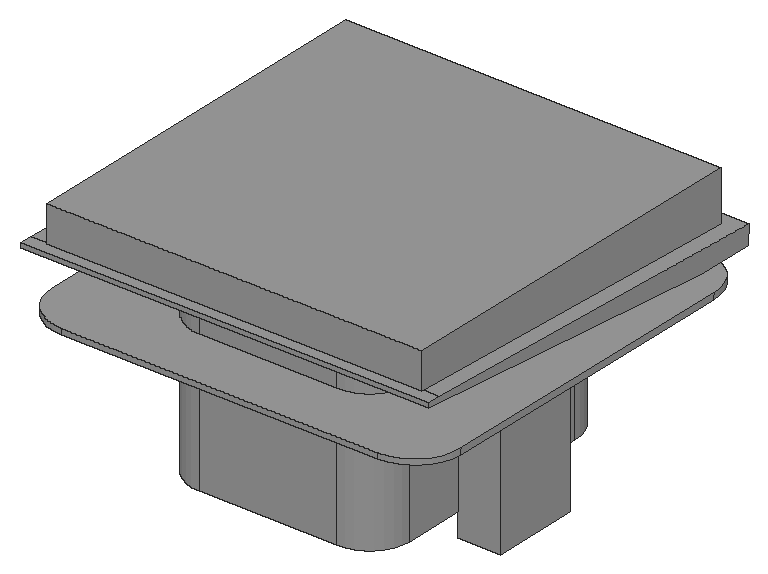
Revit family "Gira_012566", category Electrical Fixtures, host Face, Revit 2017
Family settings
  Host = Face
  Maintain Annotation Orientation = Yes
  Round Connector Dimension = Use Diameter
  Part Type = Normal
  Cut with Voids When Loaded = No
  Shared = No
  Room Calculation Point = No
Parameters (values of type "PB sw. series sw. Gira TX_44 (WP FM) p.white")
  With mounting plate = "No"
  Wiring system = "Series switch"
  Washing machine switch = "No"
  URL = "http://katalog.gira.de/en/datenblatt.html?artikelnr=012566"
  Type of fastening = "Mounting with claw and screw"
  Surface protection = "Other"
  Suitable for degree of protection (IP) = "IP44"
  Rated current = "10"
  RAL-number (akin) = "9010"
  Push button switch = "Yes"
  Number of rockers = "2"
  Number of modules (module system) = "1"
  Nominal voltage = "250"
  Name = "PB sw. series sw. Gira TX_44 (WP FM) p.white"
  Mounting method = "Flush mounted (plaster)"
  Method of operation = "Rocker/button"
  Material quality = "Thermoplastic"
  Material = "Plastic"
  Manufacturer URL = "https://www.gira.de/"
  Manufacturer = "Gira"
  Label space/information surface = "No"
  Keynote = ""
  Illumination = "No"
  HeinzeBIM = "https://bimportal.heinze.de/bim/pb-sw-series-sw-gira-tx-44-wp-fm-p-white/cc9ad290db6ce312c3f2b02d0f46eb67b183b341"
  Halogen free = "Yes"
  HAN = "012566"
  GTIN = "4010337125662"
  Feedback-signal contact = "No"
  Description = "PB sw.series TX_44 PW,Pushbutton switch, 10 AX 250 V~ with rocker, 2-gang,Series switch,pure white,Notes :,- With touch-activation operation.,- Theft-prevention implemented via optional screw-in clamp piece. This makes plugging of cover frame unnecessary."
  Default Elevation = 1219.2 mm
  Data sheet (1) = "https://katalog.gira.de/en/download.html?artikelnr=012566"
  Connection type = "Plug clamp"
  Colour = "White"
  Category = "Switch"
  BIM (1) = "https://media.stage.bim.site/public/gira/36a6b08/TX44_Komplettgerät_Schalten und Tasten.rfa?public/gira/36a6b08/TX44_Komplettgerät_Schalten und Tasten.rfa"
  Available = "No"
  Assembly arrangement = "Basic element with central cover plate"
Reference planes
  plane 1 "Center (Front/Back)": y = 0
  plane 2 "Reference Level 0": z = 0
  plane 3 "Center (Left/Right)": x = 0
  plane 4: z = -28.6
Forms (mm)
  Extrusion 1, solid, material "Default", detail levels fine
    sketch origin (0, 0, 0) x (1, 0, 0) y (0, 1, 0)
      loop
        line (-32.604, 32.5) -> (-32.604, -32.5) -> (32.735, -32.5) -> (32.735, 32.5) -> (-32.604, 32.5)
    from 0 to 12.3
  Extrusion 2, solid, material "Default", detail levels fine
    sketch origin (0, 0, 0) x (0, 1, 0) y (0, 0, 1)
      loop
        line (35, 3.483) -> (-32.2, 6) -> (-34.55, 6) -> (-34.536, 5.199) -> (24.886, 0) -> (34.939, 0) -> (35, 3.483)
    from -35.5 to 35.5
  Extrusion 3, void
    sketch origin (0, 0, 0) x (0, 1, 0) y (0, 0, 1)
      loop
        line (42.419, 3.205) -> (-32.2, 6) -> (-42.193, 6) -> (-42.193, -11.826) -> (42.419, -11.826) -> (42.419, 3.205)
    from -64.194 to 61.264
  Extrusion 4, solid, material "Default", detail levels fine
    sketch origin (0, 0, 0) x (1, 0, 0) y (0, 1, 0)
      loop
        arc (35.5, 27.5) -> (33.157, 33.157) -> (27.5, 35.5) r 8
        line (27.5, 35.5) -> (-27.5, 35.5)
        arc (-27.5, 35.5) -> (-33.157, 33.157) -> (-35.5, 27.5) r 8
        line (-35.5, 27.5) -> (-35.5, -27.5)
        arc (-35.5, -27.5) -> (-33.157, -33.157) -> (-27.5, -35.5) r 8
        line (-27.5, -35.5) -> (27.5, -35.5)
        arc (27.5, -35.5) -> (33.157, -33.157) -> (35.5, -27.5) r 8
        line (35.5, -27.5) -> (35.5, 27.5)
    from -4.1 to -5.1
  Extrusion 5, solid, material "Default", detail levels fine
    sketch origin (0, 0, 0) x (1, 0, 0) y (0, 1, 0)
      loop
        arc (-12, 25) -> (-16.95, 22.95) -> (-19, 18) r 7
        line (-19, 18) -> (-19, -18)
        arc (-19, -18) -> (-16.95, -22.95) -> (-12, -25) r 7
        line (-12, -25) -> (12, -25)
        arc (12, -25) -> (16.95, -22.95) -> (19, -18) r 7
        line (19, -18) -> (19, 18)
        arc (19, 18) -> (16.95, 22.95) -> (12, 25) r 7
        line (12, 25) -> (-12, 25)
    from 4.692 to -28.6
  Extrusion 6, solid, material "Default", detail levels fine
    sketch origin (0, 0, 0) x (1, 0, 0) y (0, 1, 0)
      loop
        line (-26.5, -7.5) -> (-19, -7.5) -> (-19, 7.5) -> (-26.5, 7.5) -> (-26.5, -7.5)
    from -5.1 to -32.6
  Extrusion 7, solid, material "Default", detail levels fine
    sketch origin (0, 0, 0) x (-1, 0, 0) y (0, -1, 0)
      loop
        line (-26.5, 7.5) -> (-26.5, -7.5) -> (-19, -7.5) -> (-19, 7.5) -> (-26.5, 7.5)
    from -5.1 to -32.6
  Extrusion 8, solid, material "Default", detail levels medium
    sketch origin (0, 0, 0) x (1, 0, 0) y (0, 1, 0)
      loop
        line (-32.604, 32.5) -> (-32.604, -32.5) -> (32.735, -32.5) -> (32.735, 32.5) -> (-32.604, 32.5)
    from 0 to 12.3
  Extrusion 9, solid, material "Default", detail levels medium
    sketch origin (0, 0, 0) x (0, 1, 0) y (0, 0, 1)
      loop
        line (35, 3.483) -> (-32.2, 6) -> (-34.55, 6) -> (-34.445, 0) -> (34.939, 0) -> (35, 3.483)
    from -35.5 to 35.5
  Extrusion 10, solid, material "Default", detail levels medium
    sketch origin (0, 0, 0) x (1, 0, 0) y (0, 1, 0)
      loop
        line (-26.5, 25) -> (-26.5, -25) -> (26.5, -25) -> (26.5, 25) -> (-26.5, 25)
    from 4.692 to -32.6
  Extrusion 11, solid, material "Default", detail levels medium
    sketch origin (0, 0, 0) x (1, 0, 0) y (0, 1, 0)
      loop
        line (35.5, 35.5) -> (-35.5, 35.5) -> (-35.5, -35.5) -> (35.5, -35.5) -> (35.5, 35.5)
    from -4.1 to -5.1
  Extrusion 12, solid, material "Default", detail levels coarse
    sketch origin (0, 0, 0) x (1, 0, 0) y (0, 1, 0)
      loop
        line (35.5, 35.5) -> (-35.5, 35.5) -> (-35.5, -35.5) -> (35.5, -35.5) -> (35.5, 35.5)
    from -32.6 to 12.3
Cuts and joins
  Extrusion 3 cuts Extrusion 1
  joined: Extrusion 1, Extrusion 2, Extrusion 4, Extrusion 5, Extrusion 6, Extrusion 7
Dimensions and locks
  Extrusion 12 to Extrusion 12 = 44.9 mm
  aligned and locked: plane 2 "Reference Level 0" to host face
  aligned and locked: level to host face
  aligned and locked: plane 3 "Center (Left/Right)" to nested 1
  aligned and locked: plane 1 "Center (Front/Back)" to nested 1
Nested families
  nested 1: "Schalter" at (0, 0, 0), type "Schalter"
Connectors
  electrical at (0, 0, -32.6)
    settings: on Extrusion 12, index 1, voltage 220 V, apparent load 0 VA, apparent load phase1 0 VA, apparent load phase2 0 VA, apparent load phase3 0 VA, power factor 1, load classification "Other", number of poles 1, system type 30, power factor state 1, is connector primary yes, connector utility no, sub classification motor no, connector description ""
Definition of nested family "Schalter"
  Reference planes
    plane 1: y = 0
    plane 2: x = 0
  Lines and regions (mm)
    detail lines
      curve 1: circle (1.375, 2.778, 0) r 0.8 normal (0, 0, 1)
      curve 2: line (1.021, 2.061, 0) -> (0, 0, 0)
      curve 3: line (0, 0, 0) -> (-0.538, 0.266, 0)
  Dimensions and locks
    curve 2 to curve 2 = 2.3 mm
    curve 3 to curve 2 = 0.6 mm
    radius of curve 1 = 0.8 mm
